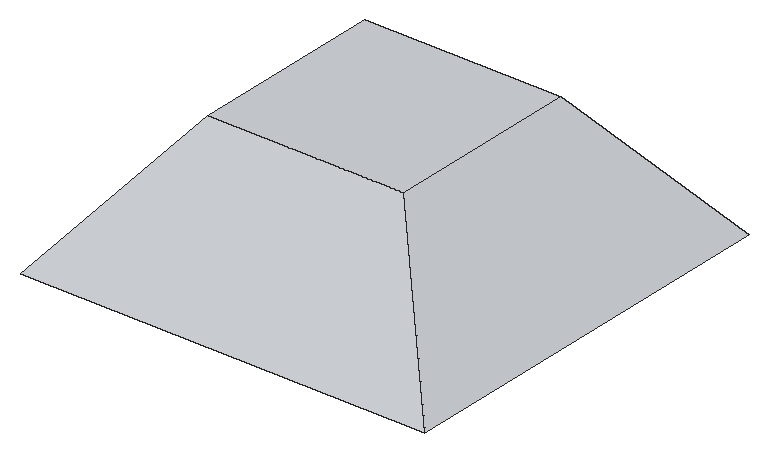
Revit family "M_Return Diffuser", category Air Terminals, Revit 2018
Family settings
  Round Connector Dimension = Use Diameter
  Part Type = Normal
  OmniClass Number = 23.75.70.21.27.11
  OmniClass Title = Diffusers, Registers, and Grilles
  Work Plane-Based = No
  Always vertical = Yes
  Cut with Voids When Loaded = No
  Shared = No
  Room Calculation Point = No
Parameters (values of type "310 x 310 Face 150 x 150 Connection")
  Width 1 = Diffuser Width * 0.65  # 201.5 mm
  Duct Width = 150 mm
  Duct Height = Duct Width  # 150 mm
  Diffuser Width = 310 mm
  UpArrow [instance] = yes
  Pressure Drop [instance] = 14.0 Pa
  RightArrow [instance] = yes
  LeftArrow [instance] = yes
  Flow [instance] = 235.0 L/s
  DownArrow [instance] = yes
  Diffuser Height = Diffuser Width  # 310 mm
  Assembly Code = "RD"
Reference planes
  plane 1 "Center (Front/Back)": y = 0
  plane 2: z = 0
  plane 3 "Center (Left/Right)": x = 0
Forms (mm)
  Blend 1, solid
    base sketch origin (0, 0, 0) x (1, 0, 0) y (0, 1, 0)
      loop
        line (-155, 155) -> (-155, -155) -> (155, -155) -> (155, 155) -> (-155, 155)
    top sketch origin (0, 0, 0) x (1, 0, 0) y (0, 1, 0)
      loop
        line (-75, 75) -> (-75, -75) -> (75, -75) -> (75, 75) -> (-75, 75)
    from 0 to 101.6
Lines and regions (mm)
  symbolic lines, style "DuctTerminal"
    curve 1: line (-155, -155, 0) -> (155, 155, 0)
    curve 2: line (-155, 155, 0) -> (155, 155, 0)
    curve 3: line (155, 155, 0) -> (155, -155, 0)
    curve 4: line (155, -155, 0) -> (-155, -155, 0)
    curve 5: line (-155, 155, 0) -> (-155, -155, 0)
Dimensions and locks
  equal spacing: Blend 1 sketch curve, plane 3 "Center (Left/Right)", Blend 1 sketch curve  (x2)
  "Diffuser Width": Blend 1 sketch curve to Blend 1 sketch curve
  equal spacing: Blend 1 sketch curve, plane 1 "Center (Front/Back)", Blend 1 sketch curve  (x2)
  "Diffuser Height": Blend 1 sketch curve to Blend 1 sketch curve
  "Duct Width": Blend 1 sketch curve to Blend 1 sketch curve
  "Duct Height": Blend 1 sketch curve to Blend 1 sketch curve
  "Width 1": nested 1 to plane 3 "Center (Left/Right)"
  "Width 1": plane 1 "Center (Front/Back)" to nested 2
  "Width 1": plane 1 "Center (Front/Back)" to nested 4
  "Width 1": plane 3 "Center (Left/Right)" to nested 3
  aligned and locked: Blend 1 to curve 1
  aligned and locked: curve 5 to Blend 1
  aligned and locked: nested 1 to plane 1 "Center (Front/Back)"
  aligned and locked: nested 2 to plane 3 "Center (Left/Right)"
  aligned and locked: nested 3 to plane 1 "Center (Front/Back)"
  aligned and locked: nested 4 to plane 3 "Center (Left/Right)"
  aligned and locked: curve 2 to Blend 1
  aligned and locked: curve 3 to Blend 1
Nested families
  nested 1: "M_Duct Terminal Arrow" at (-201.5, 0, 0), visible <- "LeftArrow", type "Duct Terminal Arrow"
  nested 2: "M_Duct Terminal Arrow" at (0, -201.5, 0) x (0, 1, 0) z (0, 0, 1), visible <- "DownArrow", type "Duct Terminal Arrow"
  nested 3: "M_Duct Terminal Arrow" at (201.5, 0, 0) x (-1, 0, 0) z (0, 0, 1), visible <- "RightArrow", type "Duct Terminal Arrow"
  nested 4: "M_Duct Terminal Arrow" at (0, 201.5, 0) x (0, -1, 0) z (0, 0, 1), visible <- "UpArrow", type "Duct Terminal Arrow"
Connectors
  hvac at (0, 0, 101.6), driven by "Duct Width", driven by "Duct Width", driven by "Flow", driven by "Pressure Drop"
    settings: on Blend 1, index 0, duct flow 235.0 L/s, flow factor 0, pres drop 14.0 Pa, loss coef 0, conn angle 0.00°, conn width 150 mm, conn height 150 mm, conn diameter 609.6 mm, duct sys type 2, conn prof type 1, flow config 1, flow direction 2, loss method 4, conn ref index -1, conn util no, is conn primary yes, conn desc ""
Definition of nested family "M_Duct Terminal Arrow"
  Parameters
    Width = (Length / 2) / cos(15.00°)  # 25.882 mm
    Length = 50 mm
  Reference planes
    plane 1 "Center (Front/Back)": y = 0
    plane 2: z = 0
    plane 3 "Center (Left/Right)": x = 0
  Lines and regions (mm)
    Filled region 1, type "Concrete Block", in view "Ref. Level"
      outline origin (-50.8, 0, 0) x (1, 0, 0) y (0, 1, 0)
        loop
          line (25.8, 6.699) -> (25.8, -6.699) -> (50.8, 0) -> (25.8, 6.699)
    detail lines, in view "Ref. Level"
      curve 1: line (-50, 0, 0) -> (0, 0, 0)
      curve 2: line (0, 0, 0) -> (-25, 6.699, 0)
      curve 3: line (0, 0, 0) -> (-25, -6.699, 0)
      curve 4: line (-25, 6.699, 0) -> (-25, -6.699, 0)
  Dimensions and locks
    "Length": curve 1 to curve 1
    "Width": curve 2 to curve 2
    "Width": curve 3 to curve 3
    locked: curve 2 to curve 1 (angle 15.00°)
    locked: curve 1 to curve 3 (angle 15.00°)
    aligned and locked: plane 1 "Center (Front/Back)" to curve 1
    aligned and locked: Filled region 1 sketch curve to curve 4
    aligned and locked: Filled region 1 sketch curve to curve 2
    aligned and locked: Filled region 1 sketch curve to curve 3
    aligned and locked: plane 3 "Center (Left/Right)" to curve 1
